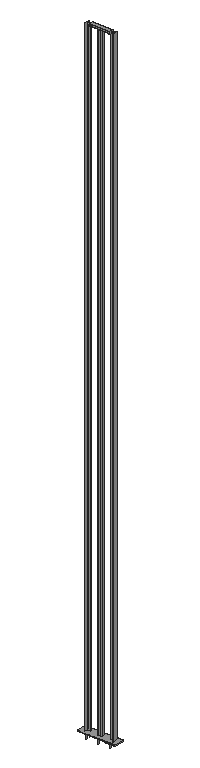
Revit family "SE_Trez_TC_300_With_Pit", category Specialty Equipment, Revit 2022
Family settings
  Round Connector Dimension = Use Diameter
  Part Type = Normal
  Work Plane-Based = No
  Always vertical = Yes
  Cut with Voids When Loaded = Yes
  Maintain Annotation Orientation = No
  Shared = No
  Room Calculation Point = No
Parameters (values of type "Platform-1300x1000mm with Door Height 2500mm")
  Safe Working Load = 300.00 kg  # constant formula
  Safe Space = if(Cabin or Platform = Cabin, 900.0 mm, if(and(Cabin or Platform = Platform, Door Clear Height > 1900.0 mm), 600.0 mm, 0.0 mm))  # 600.0 mm
  Platform = Speciality_Equipment_Trez_Platform_Sgl_C : Platform
  Door Clear Width = Real Width  # 1300.0 mm
  Door Clear Height = 2500.0 mm
  Default Elevation = 0.0 mm
  D-Side = yes
  Clear Width = 1300.0 mm
  URL = "https://trez.bg/en/products/goods-only-lift-tc/tc-one-cylinder/"
  Shaft Width = Real Width + 100.0 mm  # 1400.0 mm
  Shaft Depth = Real Depth + Clearance  # 1270.0 mm
  Tower Cladding Material = TREZ_Steel_Cladding
  Real Width = if(Clear Width < 600.0 mm, 600.0 mm, if(Clear Width > 1300.0 mm, 1300.0 mm, Clear Width))  # 1300.0 mm
  Real Depth = if(Clear Depth < 650.0 mm, 650.0 mm, if(Clear Depth > 1000.0 mm, 1000.0 mm, Clear Depth))  # 1000.0 mm
  Profiles Material = TREZ_Steel
  Platform Material = TREZ_Steel
  Pit Height = 120.0 mm  # constant formula
  Travel = 8360.0 mm
  Rail Height = Travel + Pit Height + Headroom  # 11580.0 mm
  Model = "TC 300"
  Manufacturer = "TREZ Ltd."
  Headroom = Door Clear Height + Safe Space  # 3100.0 mm
  Description = "As a hydraulic, goods-only lift with one cylinder, the TC is the low-price solution for lifting goods between the floors. "  # constant formula
  Clear Depth = 1000.0 mm
  Created By URL = "https://all1studio.com/"
  Created By = "All 1 Studio Ltd."
  Clearance = 270.0 mm  # constant formula
  Cabin or Platform = Speciality_Equipment_Trez_Platform_Sgl_C : Platform
  Cabin = Speciality_Equipment_Trez_Cabin_Sgl_C : Cabin
  C-Side = 1 = 1  # yes
  B-Side = yes
  A-Side = no
Reference planes
  plane 1 "Center (Front/Back)": y = 0
  plane 2: z = 0
  plane 3 "Center (Left/Right)": x = 0
  plane 4: x = -650
  plane 5: x = 650
  plane 6: y = 500
  plane 7: y = -500
  plane 8: x = 700
  plane 9: x = -700
  plane 10: y = 770
  plane 11: y = -550
  plane 12: z = 8360
  plane 13 "Top of Lift": z = 11460
  plane 14 "Pit": z = -120
  plane 15: z = 11400
  plane 16: z = 40
  plane 17: z = -145
  plane 18: y = 638.5
Forms (mm)
  Extrusion 1, void
    sketch origin (0, 0, 0) x (1, 0, 0) y (0, 1, 0)
      loop
        line (-700, 770) -> (-700, -550) -> (700, -550) -> (700, 770) -> (-700, 770)
    from 0 to -120
Lines and regions (mm)
  symbolic lines, style "Platform"
    curve 1: line (-650, 500, 0) -> (650, 500, 0)
    curve 2: line (-650, -500, 0) -> (-650, 500, 0)
    curve 3: line (650, -500, 0) -> (-650, -500, 0)
    curve 4: line (650, 500, 0) -> (650, -500, 0)
    curve 5: line (-650, 500, 0) -> (650, -500, 0)
    curve 6: line (650, 500, 0) -> (-650, -500, 0)
  symbolic lines, style "Shaft Volume"
    curve 7: line (-700, 770, 0) -> (700, 770, 0)
    curve 8: line (-700, -550, 0) -> (-700, 770, 0)
    curve 9: line (700, -550, 0) -> (-700, -550, 0)
    curve 10: line (700, 770, 0) -> (700, -550, 0)
    curve 11: line (700, 0, 11460) -> (-700, 0, 11460)
    curve 12: line (700, 0, 0) -> (700, 0, 11460)
    curve 13: line (-700, 0, 0) -> (700, 0, 0)
    curve 14: line (-700, 0, 11460) -> (-700, 0, 0)
    curve 15: line (0, -550, 11460) -> (0, 770, 11460)
    curve 16: line (0, -550, 0) -> (0, -550, 11460)
    curve 17: line (0, 770, 0) -> (0, -550, 0)
    curve 18: line (0, 770, 11460) -> (0, 770, 0)
Dimensions and locks
  equal spacing: plane 4, plane 3 "Center (Left/Right)", plane 5
  "Real Width": plane 4 to plane 5
  equal spacing: plane 7, plane 1 "Center (Front/Back)", plane 6
  "Real Depth": plane 7 to plane 6
  "Travel": plane 12 to level
  "Pit Height": level to plane 14 "Pit"
  "Headroom": plane 13 "Top of Lift" to plane 12
  locked: plane 13 "Top of Lift" to plane 15 at 60
  locked: plane 16 to level at 40
  locked: level to plane 17 at 145
  locked: plane 9 to plane 4 at 50
  locked: plane 5 to plane 8 at 50
  locked: plane 18 to plane 10 at 131.5
  "Clearance": plane 6 to plane 10
  locked: plane 7 to plane 11 at 50
  aligned and locked: level to plane 2
  aligned and locked: Extrusion 1 to plane 14 "Pit"
  aligned and locked: plane 1 "Center (Front/Back)" to nested 1
  aligned and locked: plane 3 "Center (Left/Right)" to nested 1
  aligned and locked: plane 12 to nested 1
  aligned and locked: nested 2 to plane 3 "Center (Left/Right)"
  aligned and locked: plane 18 to nested 2
  aligned and locked: plane 4 to curve 2
  aligned and locked: Extrusion 1 to plane 8
  aligned and locked: Extrusion 1 to plane 9
  aligned and locked: Extrusion 1 to plane 10
  aligned and locked: Extrusion 1 to plane 11
  aligned and locked: plane 10 to curve 7
  aligned and locked: plane 9 to curve 8
  aligned and locked: plane 11 to curve 9
  aligned and locked: plane 8 to curve 10
  aligned and locked: plane 13 "Top of Lift" to curve 11
  aligned and locked: curve 12 to plane 8
  aligned and locked: curve 13 to level
  aligned and locked: curve 14 to plane 9
  aligned and locked: curve 15 to plane 13 "Top of Lift"
  aligned and locked: plane 11 to curve 16
  aligned and locked: level to curve 17
  aligned and locked: curve 18 to plane 10
Automatic sketch dimensions
  Extrusion 1 sketch curve to plane 8 = 0.0 mm
  Extrusion 1 sketch curve to plane 11 = 0.0 mm
  Extrusion 1 sketch curve to plane 10 = 0.0 mm
  Extrusion 1 sketch curve to plane 9 = 0.0 mm
  curve 4 to plane 5 = 0.0 mm
  curve 3 to plane 7 = 0.0 mm
  plane 6 to curve 2 = 0.0 mm
Nested families
  nested 1: "Speciality_Equipment_Trez_Platform_Sgl_C" at (0, 0, 8360), type <- "Platform", type "Platform", not visible
    with D-Side yes, B-Side yes
  nested 2: "Generic_Model_Trez_Rails_Sgl_C" at (0, 638.5, -120) x (0, -1, 0) z (0, 0, 1), type "Rails"
    with Height 11580.0 mm
Definition of nested family "Speciality_Equipment_Trez_Platform_Sgl_C"
  Parameters (values of type "Platform")
    Width = 1300.0 mm
    Platform Material = none
    Depth = 1000.0 mm
    Default Elevation = 0.0 mm
    D-Side = no
    C-Side = yes
    B-Side = no
    A-Side = no
  Reference planes
    plane 1 "Center (Front/Back)": y = 0
    plane 2 "Bottom": z = 0
    plane 3 "Center (Left/Right)": x = 0
    plane 4: x = 650
    plane 5: x = -650
    plane 6: y = 500
    plane 7: y = -500
    plane 8: y = 535
    plane 9: z = -89
    plane 10: z = 709
    plane 11: x = -685
    plane 12: x = 685
    plane 13: y = -535
  Forms (mm)
    Extrusion 1, solid, material <- "Platform Material", visible <- "C-Side"
      sketch origin (0, 0, 0) x (1, 0, 0) y (0, 1, 0)
        loop
          line (-650, 535) -> (-650, 500) -> (650, 500) -> (650, 535) -> (-650, 535)
      from -89 to 709
    Extrusion 2, solid, material <- "Platform Material", detail levels coarse+medium
      sketch origin (0, 0, 0) x (1, 0, 0) y (0, 0, 1)
        loop
          line (-650, 0) -> (-650, -89) -> (650, -89) -> (650, 0) -> (-650, 0)
      from -500 to 500
    Extrusion 3, solid, material <- "Platform Material", detail levels fine
      sketch origin (0, 0, 0) x (1, 0, 0) y (0, 0, 1)
        loop
          line (-650, 0) -> (-650, -74)
          arc (-650, -74) -> (-645.607, -84.607) -> (-635, -89) r 15
          line (-635, -89) -> (635, -89)
          arc (635, -89) -> (645.607, -84.607) -> (650, -74) r 15
          line (650, -74) -> (650, 0) -> (-650, 0)
      from -500 to 500
    Extrusion 4, solid, material <- "Platform Material", visible <- "A-Side"
      sketch origin (0, -1035, 0) x (1, 0, 0) y (0, 1, 0)
        loop
          line (-650, 535) -> (-650, 500) -> (650, 500) -> (650, 535) -> (-650, 535)
      from -89 to 709
    Extrusion 5, solid, material <- "Platform Material", visible <- "D-Side"
      sketch origin (31.413, 20.624, 0) x (0, -1, 0) y (1, 0, 0)
        loop
          line (-514.376, 653.587) -> (-514.376, 618.587) -> (555.624, 618.587) -> (555.624, 653.587) -> (-514.376, 653.587)
      from -89 to 709
    Extrusion 6, solid, material <- "Platform Material", visible <- "B-Side"
      sketch origin (-1003.587, 20.624, 0) x (0, -1, 0) y (1, 0, 0)
        loop
          line (-514.376, 353.587) -> (-514.376, 318.587) -> (555.624, 318.587) -> (555.624, 353.587) -> (-514.376, 353.587)
      from -89 to 709
  Dimensions and locks
    equal spacing: plane 5, plane 3 "Center (Left/Right)", plane 4
    "Width": plane 5 to plane 4
    equal spacing: plane 7, plane 1 "Center (Front/Back)", plane 6
    "Depth": plane 6 to plane 7
    locked: plane 8 to plane 6 at 35
    locked: plane 2 "Bottom" to plane 9 at 89
    locked: plane 10 to plane 2 "Bottom" at 709
    locked: plane 11 to plane 5 at 35
    locked: plane 4 to plane 12 at 35
    locked: plane 13 to plane 7 at 35
    aligned and locked: level to plane 2 "Bottom"
    aligned and locked: Extrusion 1 sketch curve to plane 8
    aligned and locked: Extrusion 2 sketch curve to plane 2 "Bottom"
    aligned and locked: Extrusion 2 sketch curve to plane 9
    aligned and locked: plane 6 to Extrusion 2
    aligned and locked: plane 7 to Extrusion 2
    aligned and locked: Extrusion 3 sketch curve to plane 2 "Bottom"
    aligned and locked: Extrusion 3 sketch curve to plane 9
    aligned and locked: plane 7 to Extrusion 3
    aligned and locked: plane 6 to Extrusion 3
    aligned and locked: Extrusion 1 to plane 9
    aligned and locked: plane 5 to Extrusion 3
    aligned and locked: plane 5 to Extrusion 2
    aligned and locked: plane 5 to Extrusion 1
    aligned and locked: plane 4 to Extrusion 3
    aligned and locked: plane 4 to Extrusion 2
    aligned and locked: plane 4 to Extrusion 1
    aligned and locked: Extrusion 4 to plane 7
    aligned and locked: plane 13 to Extrusion 4
    aligned and locked: plane 4 to Extrusion 4
    aligned and locked: plane 5 to Extrusion 4
    aligned and locked: plane 12 to Extrusion 5
    aligned and locked: Extrusion 5 to plane 4
    aligned and locked: plane 8 to Extrusion 5
    aligned and locked: plane 13 to Extrusion 5
    aligned and locked: plane 11 to Extrusion 6
    aligned and locked: Extrusion 6 to plane 5
    aligned and locked: plane 8 to Extrusion 6
    aligned and locked: plane 13 to Extrusion 6
  Automatic sketch dimensions
    Extrusion 1 sketch curve to plane 5 = 0.0 mm
    Extrusion 1 sketch curve to plane 4 = 0.0 mm
    Extrusion 1 sketch curve to plane 6 = 0.0 mm
    plane 5 to Extrusion 2 sketch curve = 0.0 mm
    Extrusion 2 sketch curve to plane 4 = 0.0 mm
    plane 5 to Extrusion 3 sketch curve = 0.0 mm
    Extrusion 3 sketch curve to plane 4 = 0.0 mm
    Extrusion 3 sketch curve to plane 5 = 15.0 mm
    Extrusion 3 sketch curve to plane 4 = 15.0 mm
    Extrusion 4 sketch curve to plane 5 = 0.0 mm
    Extrusion 4 sketch curve to plane 4 = 0.0 mm
    plane 13 to Extrusion 4 sketch curve = 0.0 mm
    plane 7 to Extrusion 4 sketch curve = 0.0 mm
    plane 8 to Extrusion 5 sketch curve = 0.0 mm
    plane 13 to Extrusion 5 sketch curve = 0.0 mm
    Extrusion 5 sketch curve to plane 12 = 35.0 mm
    Extrusion 5 sketch curve to Extrusion 5 sketch curve = 35.0 mm
    plane 8 to Extrusion 6 sketch curve = 0.0 mm
    plane 13 to Extrusion 6 sketch curve = 0.0 mm
    Extrusion 6 sketch curve to plane 12 = 1370.0 mm
    Extrusion 6 sketch curve to Extrusion 6 sketch curve = 35.0 mm
Definition of nested family "Generic_Model_Trez_Rails_Sgl_C"
  Parameters (values of type "Rails")
    Profiles Material = none
    Height = 7720.0 mm
    Default Elevation = 0.0 mm
  Reference planes
    plane 1 "Center (Front/Back)": y = 0
    plane 2: z = 0
    plane 3 "Center (Left/Right)": x = 0
    plane 4: x = 87.2
    plane 5: x = -87.2
    plane 6: y = 350
    plane 7: y = -350
    plane 8: z = 7720
    plane 9: z = 15
    plane 10: z = 7685
    plane 11: z = -95
  Forms (mm)
    Extrusion 1, solid, material <- "Profiles Material", detail levels fine
      sketch origin (0, 0, 0) x (1, 0, 0) y (0, 1, 0)
        loop
          line (77.2, 350) -> (-77.2, 350)
          arc (-77.2, 350) -> (-84.271, 347.071) -> (-87.2, 340) r 10
          line (-87.2, 340) -> (-87.2, -340)
          arc (-87.2, -340) -> (-84.271, -347.071) -> (-77.2, -350) r 10
          line (-77.2, -350) -> (77.2, -350)
          arc (77.2, -350) -> (84.271, -347.071) -> (87.2, -340) r 10
          line (87.2, -340) -> (87.2, 340)
          arc (87.2, 340) -> (84.271, 347.071) -> (77.2, 350) r 10
      from 0 to 15
    Extrusion 2, solid, material <- "Profiles Material", detail levels fine
      sketch origin (0, 0, 0) x (1, 0, 0) y (0, 1, 0)
        loop
          line (-61.5, -260) -> (28.5, -260) -> (28.5, -252) -> (-3.5, -252)
          arc (-3.5, -252) -> (-7.036, -250.536) -> (-8.5, -247) r 5
          line (-8.5, -247) -> (-8.5, -185) -> (-24.5, -185) -> (-24.5, -247)
          arc (-24.5, -247) -> (-25.964, -250.536) -> (-29.5, -252) r 5
          line (-29.5, -252) -> (-61.5, -252) -> (-61.5, -260)
        loop
          line (-37.94, -40) -> (-1.94, -40)
          arc (-1.94, -40) -> (8.667, -35.607) -> (13.06, -25) r 15
          line (13.06, -25) -> (13.06, 25)
          arc (13.06, 25) -> (8.667, 35.607) -> (-1.94, 40) r 15
          line (-1.94, 40) -> (-37.94, 40) -> (-37.94, -40)
        loop
          line (-61.5, 260) -> (-61.5, 252) -> (-29.5, 252)
          arc (-29.5, 252) -> (-25.964, 250.536) -> (-24.5, 247) r 5
          line (-24.5, 247) -> (-24.5, 185) -> (-8.5, 185) -> (-8.5, 247)
          arc (-8.5, 247) -> (-7.036, 250.536) -> (-3.5, 252) r 5
          line (-3.5, 252) -> (28.5, 252) -> (28.5, 260) -> (-61.5, 260)
      from 15 to 7720
    Extrusion 3, solid, material <- "Profiles Material", detail levels fine
      sketch origin (0, 0, 0) x (1, 0, 0) y (0, 0, 1)
        loop
          line (-51.5, 7720) -> (-51.5, 7690)
          arc (-51.5, 7690) -> (-50.036, 7686.464) -> (-46.5, 7685) r 5
          line (-46.5, 7685) -> (13.5, 7685)
          arc (13.5, 7685) -> (17.036, 7686.464) -> (18.5, 7690) r 5
          line (18.5, 7690) -> (18.5, 7720) -> (-51.5, 7720)
      from -185 to 185
    Extrusion 4, solid, material <- "Profiles Material", detail levels coarse+medium
      sketch origin (0, 0, 0) x (1, 0, 0) y (0, 1, 0)
        loop
          line (87.2, 350) -> (-87.2, 350) -> (-87.2, -350) -> (87.2, -350) -> (87.2, 350)
      from 0 to 15
    Extrusion 5, solid, material <- "Profiles Material", detail levels coarse+medium
      sketch origin (0, 0, 0) x (1, 0, 0) y (0, 1, 0)
        loop
          line (28.5, -185) -> (-61.5, -185) -> (-61.5, -260) -> (28.5, -260) -> (28.5, -185)
        loop
          line (-37.94, -40) -> (13.06, -40) -> (13.06, 40) -> (-37.94, 40) -> (-37.94, -40)
        loop
          line (-61.5, 260) -> (-61.5, 185) -> (28.5, 185) -> (28.5, 260) -> (-61.5, 260)
      from 15 to 7720
    Extrusion 6, solid, material <- "Profiles Material", detail levels coarse+medium
      sketch origin (0, 0, 0) x (1, 0, 0) y (0, 0, 1)
        loop
          line (-51.5, 7720) -> (-51.5, 7690)
          arc (-51.5, 7690) -> (-50.036, 7686.464) -> (-46.5, 7685) r 5
          line (-46.5, 7685) -> (13.5, 7685)
          arc (13.5, 7685) -> (17.036, 7686.464) -> (18.5, 7690) r 5
          line (18.5, 7690) -> (18.5, 7720) -> (-51.5, 7720)
      from -260 to 260
    Extrusion 7, solid, material <- "Profiles Material", detail levels fine
      sketch origin (0, 0, 0) x (1, 0, 0) y (0, 1, 0)
        loop
          circle (46.2, 222.5) r 7.5
        loop
          circle (-43.8, 222.5) r 7.5
        loop
          circle (-43.8, 132.5) r 7.5
        loop
          circle (46.2, -222.5) r 7.5
        loop
          circle (-43.8, -222.5) r 7.5
        loop
          circle (-43.8, -132.5) r 7.5
        loop
          circle (-43.8, -80) r 7.5
        loop
          circle (-43.8, 80) r 7.5
        loop
          circle (46.2, 0.052) r 7.5
      from -95 to 0
  Cuts and joins
    joined: Extrusion 2, Extrusion 3
    joined: Extrusion 5, Extrusion 6
  Lines and regions (mm)
    symbolic lines
      curve 1: line (28.5, 185, 0) -> (-61.5, 185, 0)
      curve 2: line (28.5, 260, 0) -> (28.5, 185, 0)
      curve 3: line (-61.5, 260, 0) -> (28.5, 260, 0)
      curve 4: line (-61.5, 185, 0) -> (-61.5, 260, 0)
      curve 5: line (13.06, 40, 0) -> (-37.94, 40, 0)
      curve 6: line (13.06, -40, 0) -> (13.06, 40, 0)
      curve 7: line (-37.94, -40, 0) -> (13.06, -40, 0)
      curve 8: line (-37.94, 40, 0) -> (-37.94, -40, 0)
      curve 9: line (28.5, -185, 0) -> (-61.5, -185, 0)
      curve 10: line (28.5, -260, 0) -> (28.5, -185, 0)
      curve 11: line (-61.5, -260, 0) -> (28.5, -260, 0)
      curve 12: line (-61.5, -185, 0) -> (-61.5, -260, 0)
      curve 13: line (87.2, -350, 0) -> (-87.2, -350, 0)
      curve 14: line (87.2, 350, 0) -> (87.2, -350, 0)
      curve 15: line (-87.2, 350, 0) -> (87.2, 350, 0)
      curve 16: line (-87.2, -350, 0) -> (-87.2, 350, 0)
  Dimensions and locks
    equal spacing: plane 5, plane 3 "Center (Left/Right)", plane 4
    plane 5 to plane 4 = 174.4 mm
    equal spacing: plane 6, plane 1 "Center (Front/Back)", plane 7
    "Height": plane 8 to plane 2
    locked: plane 9 to plane 2 at 15
    locked: plane 8 to Extrusion 3 sketch curve at 35
    locked: plane 8 to plane 10 at 35
    locked: plane 2 to plane 11 at 95
    aligned and locked: level to plane 2
    aligned and locked: Extrusion 1 sketch curve to plane 6
    aligned and locked: plane 4 to Extrusion 1 sketch curve
    aligned and locked: Extrusion 1 sketch curve to plane 7
    aligned and locked: plane 5 to Extrusion 1 sketch curve
    aligned and locked: plane 8 to Extrusion 2
    aligned and locked: Extrusion 1 to plane 9
    aligned and locked: plane 9 to Extrusion 2
    aligned and locked: Extrusion 4 sketch curve to plane 6
    aligned and locked: plane 4 to Extrusion 4 sketch curve
    aligned and locked: Extrusion 4 sketch curve to plane 7
    aligned and locked: plane 5 to Extrusion 4 sketch curve
    aligned and locked: Extrusion 4 to plane 9
    aligned and locked: Extrusion 4 to plane 2
    aligned and locked: plane 8 to Extrusion 5
    aligned and locked: plane 8 to Extrusion 3 sketch curve
    aligned and locked: Extrusion 3 to Extrusion 5  (x2)
    aligned and locked: Extrusion 7 to plane 11
    aligned and locked: plane 2 to Extrusion 7
  Automatic sketch dimensions
    Extrusion 2 sketch curve to plane 5 = 25.7 mm  (x2)
    Extrusion 2 sketch curve to plane 3 "Center (Left/Right)" = 29.5 mm  (x2)
    Extrusion 2 sketch curve to Extrusion 2 sketch curve = 5.0 mm
    Extrusion 2 sketch curve to plane 3 "Center (Left/Right)" = 24.5 mm
    Extrusion 2 sketch curve to plane 3 "Center (Left/Right)" = 8.5 mm  (x2)
    Extrusion 2 sketch curve to plane 3 "Center (Left/Right)" = 3.5 mm  (x2)
    Extrusion 2 sketch curve to plane 3 "Center (Left/Right)" = 1.94 mm  (x2)
    Extrusion 2 sketch curve to Extrusion 2 sketch curve = 15.0 mm
    plane 3 "Center (Left/Right)" to Extrusion 2 sketch curve = 28.5 mm  (x2)
    plane 7 to Extrusion 2 sketch curve = 90.0 mm
    Extrusion 2 sketch curve to Extrusion 2 sketch curve = 8.0 mm  (x3)
    Extrusion 2 sketch curve to Extrusion 2 sketch curve = 62.0 mm  (x2)
    Extrusion 2 sketch curve to plane 1 "Center (Front/Back)" = 25.0 mm
    plane 6 to Extrusion 2 sketch curve = 165.0 mm
    Extrusion 2 sketch curve to Extrusion 2 sketch curve = 0.0 mm
    Extrusion 2 sketch curve to plane 3 "Center (Left/Right)" = 37.94 mm
    plane 1 "Center (Front/Back)" to Extrusion 2 sketch curve = 40.0 mm
    Extrusion 3 sketch curve to Extrusion 3 sketch curve = 5.0 mm  (x2)
    plane 3 "Center (Left/Right)" to Extrusion 3 sketch curve = 13.5 mm
    Extrusion 3 sketch curve to plane 5 = 40.7 mm
    Extrusion 1 sketch curve to plane 5 = 10.0 mm
    Extrusion 1 sketch curve to Extrusion 1 sketch curve = 10.0 mm
    Extrusion 1 sketch curve to plane 4 = 10.0 mm  (x2)
    Extrusion 6 sketch curve to plane 8 = 0.0 mm
    Extrusion 6 sketch curve to plane 10 = 0.0 mm
    plane 10 to Extrusion 6 sketch curve = 5.0 mm  (x2)
    Extrusion 6 sketch curve to plane 5 = 35.7 mm
    plane 3 "Center (Left/Right)" to Extrusion 6 sketch curve = 13.5 mm
    curve 16 to plane 5 = 0.0 mm
    curve 15 to plane 4 = 0.0 mm
    curve 13 to plane 7 = 0.0 mm
    plane 6 to curve 15 = 0.0 mm
    curve 3 to plane 5 = 25.7 mm
    curve 12 to plane 5 = 25.7 mm
    curve 5 to plane 3 "Center (Left/Right)" = 37.94 mm
    plane 3 "Center (Left/Right)" to curve 5 = 13.06 mm
    plane 3 "Center (Left/Right)" to curve 11 = 28.5 mm
    plane 3 "Center (Left/Right)" to curve 2 = 28.5 mm
    plane 7 to curve 11 = 90.0 mm
    curve 10 to curve 10 = 75.0 mm
    plane 1 "Center (Front/Back)" to curve 7 = 40.0 mm
    curve 5 to plane 1 "Center (Front/Back)" = 40.0 mm
    plane 6 to curve 2 = 165.0 mm
    curve 1 to curve 3 = 75.0 mm
    Extrusion 7 sketch curve to plane 5 = 43.4 mm  (x6)
    Extrusion 7 sketch curve to plane 4 = 41.0 mm  (x3)
    plane 7 to Extrusion 7 sketch curve = 127.5 mm
    Extrusion 7 sketch curve to Extrusion 7 sketch curve = 0.0 mm  (x2)
    Extrusion 7 sketch curve to Extrusion 7 sketch curve = 90.0 mm  (x2)
    plane 6 to Extrusion 7 sketch curve = 217.5 mm
    Extrusion 7 sketch curve to plane 1 "Center (Front/Back)" = 0.052 mm
    plane 1 "Center (Front/Back)" to Extrusion 7 sketch curve = 80.0 mm
    Extrusion 7 sketch curve to plane 1 "Center (Front/Back)" = 80.0 mm
    Extrusion 5 sketch curve to plane 5 = 25.7 mm  (x2)
    Extrusion 5 sketch curve to plane 3 "Center (Left/Right)" = 37.94 mm
    plane 3 "Center (Left/Right)" to Extrusion 5 sketch curve = 13.06 mm
    plane 3 "Center (Left/Right)" to Extrusion 5 sketch curve = 28.5 mm  (x2)
    plane 1 "Center (Front/Back)" to Extrusion 5 sketch curve = 40.0 mm
    Extrusion 5 sketch curve to plane 1 "Center (Front/Back)" = 40.0 mm
    Extrusion 5 sketch curve to Extrusion 5 sketch curve = 145.0 mm  (x2)
    Extrusion 5 sketch curve to Extrusion 5 sketch curve = 75.0 mm  (x2)
    radius of Extrusion 7 sketch curve = 7.5 mm  (x9)
